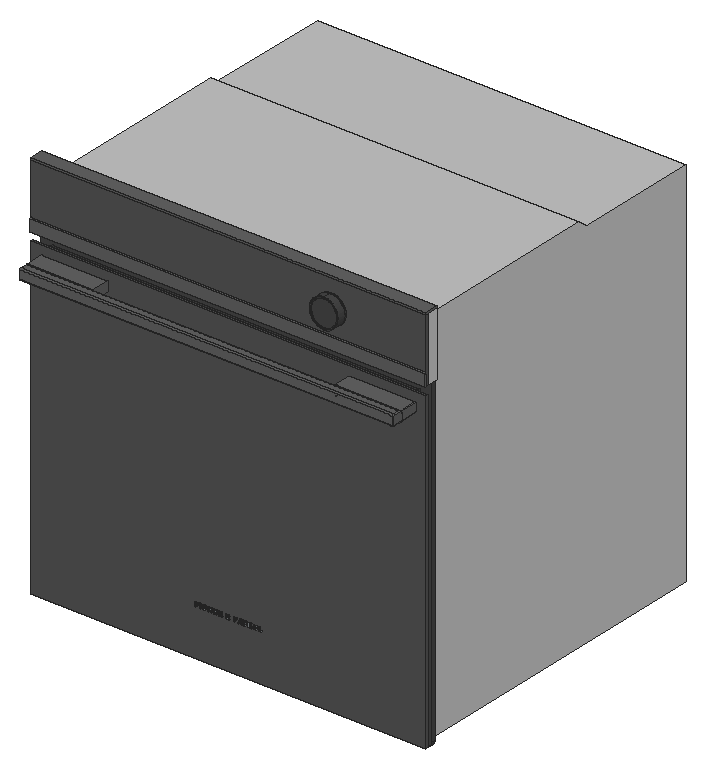
Revit family "FP_Revit_18_OB24SDPTDB1_Oven_90000932A", category Specialty Equipment, Revit 2018
Family settings
  Round Connector Dimension = Use Diameter
  Part Type = Normal
  OmniClass Number = 23.40.40.14.17.11
  OmniClass Title = Cookers, Ovens, Stoves
  Work Plane-Based = No
  Always vertical = Yes
  Cut with Voids When Loaded = Yes
  Shared = No
  Room Calculation Point = No
Parameters (values of type "OB24SDPTDB1")
  Visibility - Clearance Required = yes
  URL = "www.fisherpaykel.com"
  Product - Width = 596 mm  # constant formula
  Product - Height = 598 mm  # constant formula
  Product - Depth = 565 mm  # constant formula
  Model = "OB24SDPTDB1"
  Material - Trim = Fisher & Paykel - Aluminium, Dark
  Material - Structure = Fisher & Paykel - Black
  Material - Handle = Fisher & Paykel - Aluminium, Dark
  Material - Glass = Fisher & Paykel - Glass, Black
  Material - Buttons and Dials = Fisher & Paykel - Black
  Material - Body = Fisher & Paykel - Grey
  Manufacturer = "Fisher & Paykel Appliances"
  FFL Offset [instance] = 200 mm
  Description = "24\" Built-In Oven"
  Connector Note - Electrical = "208 V or 240 V, 16.6 - 19.4 A"
  Chassis - Width = 556 mm  # constant formula
  Chassis - Height = 575 mm  # constant formula
  Chassis - Depth = 545 mm  # constant formula
  Cavity - Width = 600 mm  # constant formula
  Cavity - Height = 600 mm  # constant formula
  Cavity - Depth = 550 mm  # constant formula
Reference planes
  plane 1 "Datum": y = 0
  plane 2: z = 0
  plane 3 "Center (Left/Right)": x = 0
  plane 4 "Cavity": z = 780
  plane 5 "Product Height": z = 798
  plane 6 "Product LHS": x = -298
  plane 7 "Product RHS": x = 298
  plane 8 "Cavity LHS": x = -300
  plane 9 "Cavity RHS": x = 300
  plane 10 "Cavity - Depth": y = 550
  plane 11 "Product Depth": y = 545
  plane 12 "Front Face": y = -20
  plane 13 "Dial": x = 154.861
  plane 14 "FFL Offset": z = 200
  plane 15 "Cavity Height": z = 800
Forms (mm)
  Extrusion 1, solid, material "Fisher & Paykel - Grey" <- "Material - Body"
    sketch origin (0, 0, 0) x (0, 1, 0) y (0, 0, 1)
      loop
        line (0, 200) -> (525, 200) -> (525, 393.99) -> (545, 413.99) -> (545, 609.73) -> (495, 659.73) -> (495, 764.6) -> (307.721, 764.6) -> (293.958, 775) -> (0, 775) -> (0, 200)
    from -278 to 278
  Extrusion 2, void
    sketch origin (0, 0, 0) x (1, 0, 0) y (0, 1, 0)
      loop
        line (-278, 495) -> (-229.13, 495) -> (-179.13, 545) -> (-278, 545) -> (-278, 495)
      loop
        line (278, 495) -> (278, 545) -> (94.617, 545) -> (114.617, 525) -> (199.13, 525) -> (229.13, 495) -> (278, 495)
    from 200 to 764.6
  Extrusion 3, solid, material "Fisher & Paykel - Aluminium, Dark" <- "Material - Trim"
    sketch origin (0, 0, 0) x (0, 1, 0) y (0, 0, 1)
      loop
        line (0, 798) -> (-20.5, 798) -> (-20.5, 795.1) -> (0, 795.1) -> (0, 798)
    from -298 to 298
  Extrusion 4, solid, material "Fisher & Paykel - Grey" <- "Material - Body"
    sketch origin (0, 0, 0) x (0, 1, 0) y (0, 0, 1)
      loop
        line (-16, 795.1) -> (-16, 698) -> (0, 698) -> (0, 795.1) -> (-16, 795.1)
    from -298 to 298
  Extrusion 5, solid, material "Fisher & Paykel - Glass, Black" <- "Material - Glass"
    sketch origin (0, 0, 0) x (1, 0, 0) y (0, 0, 1)
      loop
        line (-298, 685.2) -> (-298, 208.6) -> (298, 208.6) -> (298, 685.2) -> (-298, 685.2)
      loop
        line (-298, 698) -> (298, 698) -> (298, 794.5) -> (-298, 794.5) -> (-298, 698)
    from 16 to 20
  Extrusion 6, solid, material "Fisher & Paykel - Black" <- "Material - Structure"
    sketch origin (0, 0, 0) x (0, 1, 0) y (0, 0, 1)
      loop
        line (-13.8, 683.7) -> (-16, 683.7) -> (-16, 224.7) -> (-5, 224.7) -> (-5, 680.497) -> (-13.8, 683.7)
    from -277 to 277
  Extrusion 7, solid, material "Fisher & Paykel - Black" <- "Material - Structure"
    sketch origin (0, 0, 0) x (1, 0, 0) y (0, 0, 1)
      loop
        line (-295, 698) -> (-295, 209.536)
        arc (-295, 209.536) -> (-292.207, 202.793) -> (-285.464, 200) r 9.536
        line (-285.464, 200) -> (285.5, 200)
        arc (285.5, 200) -> (292.218, 202.782) -> (295, 209.5) r 9.5
        line (295, 209.5) -> (295, 698) -> (-295, 698)
    from 0 to 5
  Sweep 8, solid, material "Fisher & Paykel - Black"
    path origin (-195.035, 0, 0) x (0, 1, 0) y (0, 0, 1)
      loop
        line (478.272, 708.8) -> (498.6, 708.8)
        arc (498.6, 708.8) -> (507.085, 705.285) -> (510.6, 696.8) r 12
        line (510.6, 696.8) -> (510.6, 678.8)
    profile origin (-195.035, 488.436, 708.8) x (0, 0, 1) y (1, 0, 0)
      loop
        line (0, 11) -> (-11, 11) -> (-11, -11) -> (0, -11)
        arc (0, -11) -> (11, 0) -> (0, 11) r 11
  Extrusion 9, solid, material "Fisher & Paykel - Clearance Required", visible <- "Visibility - Clearance Required", detail levels coarse
    sketch origin (0, 0, 0) x (0, 1, 0) y (0, 0, 1)
      loop
        line (-21.6, 227.528) -> (-21.6, 200) -> (0, 200) -> (0, 800) -> (-21.6, 800) -> (-21.6, 685.18)
        arc (-21.6, 685.18) -> (-333.147, 559.899) -> (-479.9, 257.872) r 466.605
        line (-479.9, 257.872) -> (-465.169, 256.897) -> (-467.944, 214.989) -> (-455.498, 214.164) -> (-452.723, 256.073) -> (-21.6, 227.528)
    from -300 to 300
  Extrusion 10, solid, material "Fisher & Paykel - Clearance Required", visible <- "Visibility - Clearance Required", detail levels coarse
    sketch origin (0, 0, 0) x (1, 0, 0) y (0, 1, 0)
      loop
        line (-280, 0) -> (280, 0) -> (280, 550) -> (-280, 550) -> (-280, 0)
    from 200 to 780
  Extrusion 11, void
    sketch origin (0, 0, 0) x (1, 0, 0) y (0, 1, 0)
      loop
        line (-300, -21.6) -> (300, -21.6) -> (300, 0) -> (-300, 0) -> (-300, -21.6)
    from 200 to 800
  Extrusion 12, solid, material "Fisher & Paykel - Aluminium, Dark" <- "Material - Trim", detail levels fine
    sketch origin (0, 0, 0) x (0, 1, 0) y (0, 0, 1)
      loop
        line (-21.7, 715.525) -> (-21.7, 698) -> (-20, 698) -> (-20, 717.528) -> (-21.7, 715.525)
    from -298 to 298
  Extrusion 13, void
    sketch origin (0, 0, 0) x (1, 0, 0) y (0, 1, 0)
      loop
        line (-280, 550) -> (-280, 0) -> (280, 0) -> (280, 550) -> (-280, 550)
    from 200 to 780
Cuts and joins
  Extrusion 2 cuts Extrusion 1
Lines and regions (mm)
  model lines, style "Fisher & Paykel"
    curve 1: line (217.5, -20, 334.2) -> (-217.5, -20, 334.2)
    curve 2: line (217.5, -20, 617.436) -> (217.5, -20, 334.2)
    curve 3: line (-217.5, -20, 617.436) -> (217.5, -20, 617.436)
    curve 4: line (-217.5, -20, 334.2) -> (-217.5, -20, 617.436)
Text (mm)
  text "Disclaimer:\nWe endeavor to maintain the accuracy of our 3D content.\nHowever, product details are subject to change without notice.\nPlease refer to the product Data Sheets for the most current product information." at (41.04, -568.295, 0), in view "Ref. Level (Plan)"
Dimensions and locks
  equal spacing: plane 6 "Product LHS", plane 3 "Center (Left/Right)", plane 7 "Product RHS"
  "Product - Width": plane 6 "Product LHS" to plane 7 "Product RHS"
  equal spacing: plane 8 "Cavity LHS", plane 3 "Center (Left/Right)", plane 9 "Cavity RHS"
  "Cavity - Width": plane 8 "Cavity LHS" to plane 9 "Cavity RHS"
  "Cavity - Depth": plane 10 "Cavity - Depth" to plane 1 "Datum"
  "Chassis - Depth": plane 11 "Product Depth" to plane 1 "Datum"
  plane 12 "Front Face" to plane 1 "Datum" = 20 mm
  "Product - Depth": plane 11 "Product Depth" to plane 12 "Front Face"
  "Chassis - Width": cut or joined group of Extrusion 1, Extrusion 2 to cut or joined group of Extrusion 1, Extrusion 2
  "FFL Offset": plane 14 "FFL Offset" to level
  "Product - Height": plane 5 "Product Height" to plane 14 "FFL Offset"
  "Cavity - Height": Extrusion 9 to plane 14 "FFL Offset"
  locked: plane 5 "Product Height" to nested 2 at 125.765
  locked: plane 5 "Product Height" to nested 3 at 45.463
  locked: plane 4 "Cavity" to plane 14 "FFL Offset" at 580
  locked: nested 1 to plane 14 "FFL Offset" at 78.956
  locked: Extrusion 5 to plane 14 "FFL Offset" at 8.6
  locked: Extrusion 6 to plane 14 "FFL Offset" at 24.7
  "Cavity - Height": plane 15 "Cavity Height" to plane 14 "FFL Offset"
  locked: cut or joined group of Extrusion 1, Extrusion 2 to plane 14 "FFL Offset" at 564.6
  locked: curve 1 to plane 14 "FFL Offset" at 134.2
  locked: curve 3 to plane 14 "FFL Offset" at 417.436
  aligned and locked: level to plane 2
  aligned and locked: plane 8 "Cavity LHS" to Extrusion 9
  aligned and locked: Extrusion 9 to plane 9 "Cavity RHS"
  aligned and locked: Extrusion 1 sketch curve to plane 14 "FFL Offset"
  aligned and locked: Extrusion 1 to Extrusion 2
  aligned and locked: Extrusion 2 to Extrusion 1
  aligned and locked: plane 14 "FFL Offset" to Extrusion 9 sketch curve
  aligned and locked: plane 14 "FFL Offset" to Extrusion 7 sketch curve
  aligned and locked: Extrusion 13 to cut or joined group of Extrusion 1, Extrusion 2
  aligned and locked: plane 4 "Cavity" to Extrusion 13
  aligned and locked: plane 4 "Cavity" to Extrusion 10
  aligned and locked: Extrusion 10 to cut or joined group of Extrusion 1, Extrusion 2
  aligned and locked: Extrusion 11 to cut or joined group of Extrusion 1, Extrusion 2
  aligned and locked: Extrusion 11 to Extrusion 9
  aligned and locked: plane 15 "Cavity Height" to Extrusion 11
Automatic sketch dimensions
  Extrusion 2 sketch curve to plane 11 "Product Depth" = 0 mm  (x2)
  Extrusion 2 sketch curve to plane 6 "Product LHS" = 20 mm
  Extrusion 2 sketch curve to Extrusion 2 sketch curve = 48.87 mm
  Extrusion 2 sketch curve to Extrusion 2 sketch curve = 50 mm  (x3)
  plane 3 "Center (Left/Right)" to Extrusion 2 sketch curve = 94.617 mm
  Extrusion 2 sketch curve to Extrusion 2 sketch curve = 20 mm
  Extrusion 2 sketch curve to plane 11 "Product Depth" = 20 mm
  Extrusion 2 sketch curve to Extrusion 2 sketch curve = 84.513 mm
  Extrusion 2 sketch curve to Extrusion 2 sketch curve = 30 mm
  plane 7 "Product RHS" to Extrusion 2 sketch curve = 20 mm
  Extrusion 3 sketch curve to plane 1 "Datum" = 0 mm
  Extrusion 3 sketch curve to plane 12 "Front Face" = 0.5 mm
  Extrusion 3 sketch curve to plane 5 "Product Height" = 2.9 mm
  plane 5 "Product Height" to Extrusion 3 sketch curve = 0 mm
  Extrusion 4 sketch curve to plane 1 "Datum" = 0 mm
  plane 12 "Front Face" to Extrusion 4 sketch curve = 4 mm
  Extrusion 4 sketch curve to plane 4 "Cavity" = 82 mm
  Extrusion 4 sketch curve to plane 5 "Product Height" = 2.9 mm
  plane 6 "Product LHS" to Extrusion 5 sketch curve = 0 mm  (x2)
  plane 7 "Product RHS" to Extrusion 5 sketch curve = 0 mm  (x2)
  level to Extrusion 5 sketch curve = 208.6 mm
  Extrusion 5 sketch curve to plane 4 "Cavity" = 94.8 mm
  Extrusion 5 sketch curve to Extrusion 5 sketch curve = 12.8 mm
  Extrusion 5 sketch curve to plane 5 "Product Height" = 3.5 mm
  plane 12 "Front Face" to Extrusion 6 sketch curve = 4 mm
  Extrusion 6 sketch curve to Extrusion 6 sketch curve = 2.2 mm
  plane 1 "Datum" to Extrusion 6 sketch curve = 5 mm
  level to Extrusion 6 sketch curve = 224.7 mm
  Extrusion 6 sketch curve to plane 4 "Cavity" = 99.503 mm
  Extrusion 6 sketch curve to Extrusion 6 sketch curve = 3.203 mm
  plane 7 "Product RHS" to curve 2 = 80.5 mm
  curve 4 to plane 6 "Product LHS" = 80.5 mm
  Sweep 8 sketch curve to plane 11 "Product Depth" = 46.4 mm
  Sweep 8 sketch curve to Sweep 8 sketch curve = 12 mm
  Sweep 8 sketch curve to plane 4 "Cavity" = 83.2 mm
  Sweep 8 sketch curve to Sweep 8 sketch curve = 20.328 mm
  Sweep 8 sketch curve to Sweep 8 sketch curve = 18 mm
  Sweep 8 sketch curve to profile plane = 0 mm  (x2)
  Sweep 8 sketch curve to Sweep 8 sketch curve = 11 mm
  Sweep 8 sketch curve to profile plane = 11 mm
  Extrusion 10 sketch curve to plane 10 "Cavity - Depth" = 0 mm
  plane 1 "Datum" to Extrusion 10 sketch curve = 0 mm
  Extrusion 10 sketch curve to plane 6 "Product LHS" = 18 mm
  plane 7 "Product RHS" to Extrusion 10 sketch curve = 18 mm
  plane 1 "Datum" to Extrusion 11 sketch curve = 0 mm
  Extrusion 11 sketch curve to plane 8 "Cavity LHS" = 0 mm
  Extrusion 11 sketch curve to plane 9 "Cavity RHS" = 0 mm
  Extrusion 11 sketch curve to plane 12 "Front Face" = 1.6 mm
  Extrusion 12 sketch curve to plane 12 "Front Face" = 0 mm
  Extrusion 12 sketch curve to Extrusion 12 sketch curve = 1.7 mm
  Extrusion 12 sketch curve to plane 4 "Cavity" = 82 mm
  Extrusion 12 sketch curve to Extrusion 12 sketch curve = 17.525 mm
  Extrusion 12 sketch curve to Extrusion 12 sketch curve = 2.002 mm
  plane 1 "Datum" to Extrusion 13 sketch curve = 0 mm
  Extrusion 13 sketch curve to plane 10 "Cavity - Depth" = 0 mm
  Extrusion 13 sketch curve to plane 6 "Product LHS" = 18 mm
  plane 7 "Product RHS" to Extrusion 13 sketch curve = 18 mm
  Extrusion 1 sketch curve to plane 1 "Datum" = 0 mm
  Extrusion 1 sketch curve to plane 11 "Product Depth" = 0 mm
  Extrusion 1 sketch curve to plane 4 "Cavity" = 5 mm
  Extrusion 1 sketch curve to plane 11 "Product Depth" = 251.042 mm
  Extrusion 1 sketch curve to Extrusion 1 sketch curve = 13.762 mm
  Extrusion 1 sketch curve to plane 4 "Cavity" = 15.4 mm
  Extrusion 1 sketch curve to plane 11 "Product Depth" = 50 mm
  Extrusion 1 sketch curve to plane 11 "Product Depth" = 20 mm
  plane 14 "FFL Offset" to Extrusion 1 sketch curve = 193.99 mm
  Extrusion 1 sketch curve to Extrusion 1 sketch curve = 20 mm
  Extrusion 1 sketch curve to Extrusion 1 sketch curve = 154.87 mm
  Extrusion 1 sketch curve to Extrusion 1 sketch curve = 50 mm
  Extrusion 9 sketch curve to plane 1 "Datum" = 0 mm
  plane 12 "Front Face" to Extrusion 9 sketch curve = 5.051 mm
  Extrusion 9 sketch curve to plane 12 "Front Face" = 1.6 mm  (x2)
  plane 14 "FFL Offset" to Extrusion 9 sketch curve = 56.073 mm
  Extrusion 9 sketch curve to Extrusion 9 sketch curve = 431.123 mm
  plane 14 "FFL Offset" to Extrusion 9 sketch curve = 14.164 mm
  Extrusion 9 sketch curve to Extrusion 9 sketch curve = 2.775 mm
  plane 14 "FFL Offset" to Extrusion 9 sketch curve = 56.897 mm
  Extrusion 9 sketch curve to Extrusion 9 sketch curve = 12.446 mm
  plane 14 "FFL Offset" to Extrusion 9 sketch curve = 57.872 mm
  Extrusion 9 sketch curve to Extrusion 9 sketch curve = 8.905 mm
  plane 5 "Product Height" to Extrusion 9 sketch curve = 2 mm
  Extrusion 7 sketch curve to plane 6 "Product LHS" = 3 mm
  plane 14 "FFL Offset" to Extrusion 7 sketch curve = 9.536 mm
  plane 7 "Product RHS" to Extrusion 7 sketch curve = 12.5 mm
  plane 7 "Product RHS" to Extrusion 7 sketch curve = 3 mm
  Extrusion 7 sketch curve to plane 4 "Cavity" = 82 mm
Nested families
  nested 1: "F&P Logo 100mm" at (0, -20, 278.956), type "Grey", detail levels fine
  nested 2: "F&P Handle Contemporary Square OB60-24" at (0, -20, 664.257), type "Aluminium Dark"
  nested 3: "F&P Dial OB" at (154.861, -20, 752.537), type "F&P Dial OB Black"
Connectors
  electrical at (-195.035, 505.1, 678.8), driven by "Connector Note - Electrical"
    settings: on Sweep 8, index 1, voltage 120 V, apparent load 0 VA, apparent load phase1 0 VA, apparent load phase2 0 VA, apparent load phase3 0 VA, power factor 1, load classification "Other", number of poles 2, system type 30, power factor state 1, is connector primary yes, connector utility no, sub classification motor no, connector description "208 V or 240 V, 16.6 - 19.4 A"
Definition of nested family "F&P Logo 100mm"
  Parameters (values of type "Chrome")
    URL = "www.fisherpaykel.com"
    Material - Logo = none
    Manufacturer = "Fisher & Paykel Appliances"
  Types (3): name
    (no name)
    Chrome
    Grey
  Reference planes
    plane 1 "Center (Front/Back)": y = 0
    plane 2: z = 0
    plane 3 "Center (Left/Right)": x = 0
  Forms (mm)
    Extrusion 1, solid, material <- "Material - Logo", detail levels fine
      sketch origin (0, 0, 0) x (1, 0, 0) y (0, 0, 1)
        loop
          line (-50.044, 0) -> (-48.47, 0) -> (-48.47, 2.138) -> (-46.011, 2.138) -> (-46.011, 3.472) -> (-48.47, 3.472) -> (-48.47, 4.712) -> (-45.795, 4.712) -> (-45.795, 6.04) -> (-50.044, 6.04) -> (-50.044, 0)
        loop
          line (-42.804, 6.04) -> (-42.804, 0) -> (-41.23, 0) -> (-41.23, 6.04) -> (-42.804, 6.04)
        loop
          line (-30.724, 6.04) -> (-30.724, 0) -> (-29.151, 0) -> (-29.151, 2.42) -> (-26.839, 2.42) -> (-26.839, 0) -> (-25.265, 0) -> (-25.265, 6.04) -> (-26.839, 6.04) -> (-26.839, 3.748) -> (-29.151, 3.748) -> (-29.151, 6.04) -> (-30.724, 6.04)
        loop
          line (-21.906, 6.04) -> (-21.906, 0) -> (-17.602, 0) -> (-17.602, 1.328) -> (-20.347, 1.328) -> (-20.347, 2.42) -> (-17.838, 2.42) -> (-17.838, 3.748) -> (-20.347, 3.748) -> (-20.347, 4.712) -> (-17.602, 4.712) -> (-17.602, 6.04) -> (-21.906, 6.04)
        loop
          line (45.667, 6.04) -> (45.667, 0) -> (49.956, 0) -> (49.956, 1.328) -> (47.241, 1.328) -> (47.241, 6.04) -> (45.667, 6.04)
        loop
          line (42.431, 6.04) -> (38.112, 6.04) -> (38.112, 0) -> (42.431, 0) -> (42.431, 1.328) -> (39.687, 1.328) -> (39.687, 2.42) -> (42.195, 2.42) -> (42.195, 3.748) -> (39.687, 3.748) -> (39.687, 4.712) -> (42.431, 4.712) -> (42.431, 6.04)
        loop
          line (33.451, 3.148) -> (35.683, 6.04) -> (33.844, 6.04) -> (31.915, 3.542) -> (31.915, 6.04) -> (30.342, 6.04) -> (30.342, 0) -> (31.915, 0) -> (31.915, 2.705) -> (33.903, 0) -> (35.763, 0) -> (33.451, 3.148)
        loop
          line (21.98, 6.04) -> (24.262, 2.42) -> (24.262, 0) -> (25.837, 0) -> (25.837, 2.341) -> (28.119, 6.04) -> (26.446, 6.04) -> (25.099, 3.707) -> (23.753, 6.04) -> (21.98, 6.04)
        loop
          line (18.479, 6.04) -> (16.983, 6.04) -> (14.524, 0) -> (16.069, 0) -> (16.501, 1.112) -> (18.921, 1.112) -> (19.354, 0) -> (20.938, 0) -> (18.479, 6.04)
        loop
          line (18.4, 2.439) -> (17.693, 4.174) -> (17.018, 2.439) -> (18.4, 2.439)
        loop
          line (8.031, 6.04) -> (8.031, 0) -> (9.605, 0) -> (9.605, 1.938) -> (10.599, 1.938)
          arc (10.599, 1.938) -> (12.65, 3.989) -> (10.599, 6.04) r 2.051
          line (10.599, 6.04) -> (8.031, 6.04)
        loop
          line (9.605, 4.712) -> (9.605, 3.197) -> (10.501, 3.197)
          arc (10.501, 3.197) -> (11.259, 3.954) -> (10.501, 4.712) r 0.757
          line (10.501, 4.712) -> (9.605, 4.712)
        loop
          line (-11.783, 6.04) -> (-14.366, 6.04) -> (-14.366, 0) -> (-12.792, 0) -> (-12.792, 1.336) -> (-11.992, 1.336) -> (-10.972, 0) -> (-9.153, 0) -> (-10.694, 1.973)
          arc (-10.694, 1.973) -> (-9.678, 4.424) -> (-11.783, 6.04) r 2.179
        loop
          line (-11.897, 4.712) -> (-12.792, 4.712) -> (-12.792, 3.053) -> (-11.897, 3.053)
          arc (-11.897, 3.053) -> (-11.068, 3.882) -> (-11.897, 4.712) r 0.83
        loop
          line (0.477, 4.712) -> (0.477, 6.153) -> (-3.575, 6.153) -> (-3.575, 4.851) -> (-2.974, 4.112)
          arc (-2.974, 4.112) -> (-3.51, 0.684) -> (-0.045, 0.512) r 2.334
          line (-0.045, 0.512) -> (0.46, -0.109) -> (2.246, -0.109) -> (0.86, 1.594) -> (2.061, 3.324) -> (0.443, 3.324) -> (-0.013, 2.667) -> (-1.677, 4.712) -> (0.477, 4.712)
        loop
          arc (-2.125, 3.068) -> (-2.269, 1.668) -> (-0.868, 1.524) r 0.996
          line (-0.868, 1.524) -> (-2.125, 3.068)
        loop
          line (-35.18, 3.634) -> (-36.516, 3.91)
          arc (-36.516, 3.91) -> (-37.049, 4.443) -> (-36.516, 4.976) r 0.533
          arc (-36.516, 4.976) -> (-35.235, 4.79) -> (-34.059, 4.248) r 4.505
          line (-34.059, 4.248) -> (-34.059, 5.743)
          arc (-34.059, 5.743) -> (-35.549, 6.179) -> (-37.1, 6.109) r 4.726
          arc (-37.1, 6.109) -> (-38.536, 4.335) -> (-37.1, 2.561) r 1.814
          line (-37.1, 2.561) -> (-35.754, 2.282)
          arc (-35.754, 2.282) -> (-35.221, 1.749) -> (-35.754, 1.216) r 0.533
          arc (-35.754, 1.216) -> (-37.035, 1.402) -> (-38.211, 1.945) r 4.505
          line (-38.211, 1.945) -> (-38.211, 0.449)
          arc (-38.211, 0.449) -> (-36.72, 0.013) -> (-35.169, 0.083) r 4.726
          arc (-35.169, 0.083) -> (-33.734, 1.863) -> (-35.18, 3.634) r 1.814
      from 0 to 0.8
  Dimensions and locks
    aligned and locked: level to plane 2
Definition of nested family "F&P Handle Contemporary Square OB60-24"
  Parameters (values of type "Aluminium Dark")
    URL = "www.fisherpaykel.com"
    Material - Handle = none
    Manufacturer = "Fisher & Paykel Appliances"
    Handle - Length = 565 mm
  Types (2): name
    Aluminium
    Aluminium Dark
  Reference planes
    plane 1 "Center (Front/Back)": y = 0
    plane 2: z = 0
    plane 3 "Center (Left/Right)": x = 0
    plane 4 "Product LHS": x = -282.5
    plane 5 "Product RHS": x = 282.5
    plane 6 "LHS Standoff": x = -182.495
    plane 7 "RHS Standoff": x = 182.505
  Forms (mm)
    Extrusion 1, solid, material <- "Material - Handle", detail levels fine
      sketch origin (0, 0, 0) x (0, 1, 0) y (0, 0, 1)
        loop
          arc (-28.701, 7.561) -> (-29.057, 7.868) -> (-29.514, 7.978) r 1
          line (-29.514, 7.978) -> (-40.5, 7.978)
          arc (-40.5, 7.978) -> (-41.561, 7.539) -> (-42, 6.478) r 1.5
          line (-42, 6.478) -> (-42, -6.522)
          arc (-42, -6.522) -> (-41.561, -7.583) -> (-40.5, -8.022) r 1.5
          line (-40.5, -8.022) -> (-29.487, -8.022)
          arc (-29.487, -8.022) -> (-29.029, -7.911) -> (-28.673, -7.602) r 1
          arc (-28.673, -7.602) -> (-26.256, -0.016) -> (-28.701, 7.561) r 13.038
      from -282.5 to 282.5
    Extrusion 2, solid, material <- "Material - Handle", detail levels fine
      sketch origin (0, 0, 0) x (0, 1, 0) y (0, 0, 1)
        loop
          arc (-28.23, 7.062) -> (-26.156, 0.008) -> (-28.198, -7.056) r 13.136
          arc (-28.198, -7.056) -> (-28.21, -7.463) -> (-27.86, -7.67) r 0.4
          line (-27.86, -7.67) -> (0, -7.67) -> (0, 7.678) -> (-27.893, 7.678)
          arc (-27.893, 7.678) -> (-28.244, 7.47) -> (-28.23, 7.062) r 0.4
      from 182.505 to 282.5
    Extrusion 3, solid, material <- "Material - Handle", detail levels fine
      sketch origin (0, 0, 0) x (0, 1, 0) y (0, 0, -1)
        loop
          arc (-28.23, -7.062) -> (-28.244, -7.47) -> (-27.893, -7.678) r 0.4
          line (-27.893, -7.678) -> (0, -7.678) -> (0, 7.67) -> (-27.86, 7.67)
          arc (-27.86, 7.67) -> (-28.21, 7.463) -> (-28.198, 7.056) r 0.4
          arc (-28.198, 7.056) -> (-26.156, -0.008) -> (-28.23, -7.062) r 13.136
      from 182.495 to 282.5
    Sweep 4, void
      path in 3D
        loop
          line (282.5, -29.514, 7.978) -> (282.5, -40.5, 7.978)
          arc (282.5, -40.5, 7.978) -> (282.5, -41.561, 7.539) -> (282.5, -42, 6.478) r 1.5
          line (282.5, -42, 6.478) -> (282.5, -42, -6.522)
          arc (282.5, -42, -6.522) -> (282.5, -41.561, -7.583) -> (282.5, -40.5, -8.022) r 1.5
          line (282.5, -40.5, -8.022) -> (282.5, -29.487, -8.022)
      profile origin (282.5, -35.007, 7.978) x (1, 0, 0) y (0, 0, 1)
        loop
          line (0, 0) -> (-1.3, 0) -> (0, -1.3) -> (0, 0)
    Sweep 5, void
      path in 3D
        loop
          line (-282.5, -29.487, -8.022) -> (-282.5, -40.5, -8.022)
          arc (-282.5, -40.5, -8.022) -> (-282.5, -41.561, -7.583) -> (-282.5, -42, -6.522) r 1.5
          line (-282.5, -42, -6.522) -> (-282.5, -42, 6.478)
          arc (-282.5, -42, 6.478) -> (-282.5, -41.561, 7.539) -> (-282.5, -40.5, 7.978) r 1.5
          line (-282.5, -40.5, 7.978) -> (-282.5, -29.514, 7.978)
      profile origin (-282.5, -35.007, 7.978) x (-1, 0, 0) y (0, 0, 1)
        loop
          line (0, 0) -> (-1.3, 0) -> (0, -1.3) -> (0, 0)
    Extrusion 6, void
      sketch origin (0, 0, 0) x (1, 0, 0) y (0, 0, 1)
        loop
          line (282.5, 7.978) -> (281.2, 7.978) -> (282.5, 6.678) -> (282.5, 7.978)
        loop
          line (282.5, -8.022) -> (282.5, -6.722) -> (281.2, -8.022) -> (282.5, -8.022)
      from 0 to 40
    Extrusion 7, void
      sketch origin (0, 0, 0) x (1, 0, 0) y (0, 0, 1)
        loop
          line (-282.5, 7.978) -> (-282.5, 6.678) -> (-281.2, 7.978) -> (-282.5, 7.978)
        loop
          line (-282.5, -8.022) -> (-281.2, -8.022) -> (-282.5, -6.722) -> (-282.5, -8.022)
      from 0 to 40
    Extrusion 8, solid, material <- "Material - Handle", detail levels coarse+medium
      sketch origin (0, 0, 0) x (1, 0, 0) y (0, 1, 0)
        loop
          line (-282.5, -42) -> (282.5, -42) -> (282.5, 0) -> (182.505, 0) -> (182.505, -26.156) -> (-182.495, -26.156) -> (-182.495, 0) -> (-282.5, 0) -> (-282.5, -42)
      from -8.022 to 7.978
  Cuts and joins
    Sweep 4, Sweep 5, Extrusion 6, Extrusion 7 cuts Extrusion 1
    Extrusion 6 cuts Extrusion 2
    Extrusion 7 cuts Extrusion 3
  Lines and regions (mm)
    sketch lines
      curve 1: line (282.5, -29.514, 7.978) -> (282.5, -40.5, 7.978)
      curve 2: arc (282.5, -42, 6.478) -> (282.5, -41.561, 7.539) -> (282.5, -40.5, 7.978) r 1.5
      curve 3: line (282.5, -42, 6.478) -> (282.5, -42, -6.522)
      curve 4: arc (282.5, -40.5, -8.022) -> (282.5, -41.561, -7.583) -> (282.5, -42, -6.522) r 1.5
      curve 5: line (282.5, -40.5, -8.022) -> (282.5, -29.487, -8.022)
      curve 6: line (-282.5, -40.5, 7.978) -> (-282.5, -29.514, 7.978)
      curve 7: arc (-282.5, -40.5, 7.978) -> (-282.5, -41.561, 7.539) -> (-282.5, -42, 6.478) r 1.5
      curve 8: line (-282.5, -42, -6.522) -> (-282.5, -42, 6.478)
      curve 9: arc (-282.5, -42, -6.522) -> (-282.5, -41.561, -7.583) -> (-282.5, -40.5, -8.022) r 1.5
      curve 10: line (-282.5, -29.487, -8.022) -> (-282.5, -40.5, -8.022)
  Dimensions and locks
    equal spacing: plane 4 "Product LHS", plane 3 "Center (Left/Right)", plane 5 "Product RHS"
    "Handle - Length": plane 4 "Product LHS" to plane 5 "Product RHS"
    locked: plane 4 "Product LHS" to plane 6 "LHS Standoff" at 100.005
    locked: plane 7 "RHS Standoff" to plane 5 "Product RHS" at 99.995
    aligned and locked: level to plane 2
    aligned and locked: Extrusion 1 to plane 5 "Product RHS"
    aligned and locked: plane 4 "Product LHS" to Extrusion 1
    aligned and locked: Extrusion 2 to plane 5 "Product RHS"
    aligned and locked: plane 4 "Product LHS" to Extrusion 3
    aligned and locked: plane 4 "Product LHS" to Extrusion 8 sketch curve
    aligned and locked: Extrusion 8 sketch curve to plane 5 "Product RHS"
    aligned and locked: Extrusion 8 sketch curve to plane 7 "RHS Standoff"
    aligned and locked: plane 6 "LHS Standoff" to Extrusion 8 sketch curve
    aligned and locked: Extrusion 2 to plane 7 "RHS Standoff"
    aligned and locked: plane 6 "LHS Standoff" to Extrusion 3
  Automatic sketch dimensions
    Extrusion 1 sketch curve to level = 6.522 mm
    plane 1 "Center (Front/Back)" to Extrusion 1 sketch curve = 42 mm
    Extrusion 1 sketch curve to Extrusion 1 sketch curve = 1.5 mm  (x2)
    Extrusion 1 sketch curve to level = 0.04 mm
    Extrusion 1 sketch curve to Extrusion 1 sketch curve = 1.206 mm
    level to Extrusion 1 sketch curve = 6.978 mm
    Extrusion 1 sketch curve to Extrusion 1 sketch curve = 10.986 mm
    Extrusion 1 sketch curve to Extrusion 1 sketch curve = 11.013 mm
    Extrusion 1 sketch curve to Extrusion 1 sketch curve = 1 mm
    level to Extrusion 1 sketch curve = 6.478 mm
    Extrusion 1 sketch curve to Extrusion 1 sketch curve = 0 mm
    Extrusion 2 sketch curve to plane 1 "Center (Front/Back)" = 0 mm
    Extrusion 2 sketch curve to level = 7.67 mm
    Extrusion 2 sketch curve to Extrusion 2 sketch curve = 27.86 mm
    level to Extrusion 2 sketch curve = 7.678 mm
    Extrusion 2 sketch curve to Extrusion 2 sketch curve = 0.033 mm
    Extrusion 2 sketch curve to level = 0.022 mm
    Extrusion 2 sketch curve to Extrusion 2 sketch curve = 11.398 mm
    Extrusion 2 sketch curve to Extrusion 2 sketch curve = 0.4 mm  (x2)
    Extrusion 2 sketch curve to Extrusion 2 sketch curve = 0 mm
    Extrusion 3 sketch curve to plane 1 "Center (Front/Back)" = 0 mm
    Extrusion 3 sketch curve to level = 7.67 mm
    Extrusion 3 sketch curve to Extrusion 3 sketch curve = 27.86 mm
    level to Extrusion 3 sketch curve = 7.678 mm
    Extrusion 3 sketch curve to Extrusion 3 sketch curve = 0.033 mm
    Extrusion 3 sketch curve to level = 0.022 mm
    Extrusion 3 sketch curve to Extrusion 3 sketch curve = 11.398 mm
    Extrusion 3 sketch curve to Extrusion 3 sketch curve = 0.4 mm  (x2)
    Extrusion 3 sketch curve to Extrusion 3 sketch curve = 0 mm
    profile plane to Sweep 4 sketch curve = 0 mm
    Sweep 4 sketch curve to profile plane = 0 mm
    Sweep 4 sketch curve to profile plane = 1.3 mm
    profile plane to Sweep 4 sketch curve = 1.3 mm
    Sweep 5 sketch curve to profile plane = 0 mm  (x2)
    profile plane to Sweep 5 sketch curve = 1.3 mm
    Sweep 5 sketch curve to profile plane = 1.3 mm
    plane 5 "Product RHS" to Extrusion 6 sketch curve = 0 mm  (x2)
    Extrusion 6 sketch curve to Extrusion 6 sketch curve = 1.3 mm  (x4)
    Extrusion 6 sketch curve to level = 6.722 mm
    level to Extrusion 6 sketch curve = 6.678 mm
    plane 4 "Product LHS" to Extrusion 7 sketch curve = 0 mm  (x2)
    Extrusion 7 sketch curve to plane 4 "Product LHS" = 1.3 mm  (x2)
    Extrusion 7 sketch curve to level = 8.022 mm
    level to Extrusion 7 sketch curve = 6.678 mm
    Extrusion 7 sketch curve to Extrusion 7 sketch curve = 1.3 mm  (x2)
    plane 1 "Center (Front/Back)" to Extrusion 8 sketch curve = 0 mm  (x2)
    Extrusion 8 sketch curve to Extrusion 8 sketch curve = 26.156 mm
    Extrusion 8 sketch curve to Extrusion 8 sketch curve = 42 mm
Definition of nested family "F&P Dial OB"
  Parameters (values of type "F&P Dial OB Black")
    URL = "www.fisherpaykel.com"
    Material - Buttons and Dials = none
    Manufacturer = "Fisher & Paykel Appliances"
  Types (2): name
    F&P Dial OB
    F&P Dial OB Black
  Reference planes
    plane 1 "Center (Front/Back)": y = 0
    plane 2: z = 0
    plane 3 "Center (Left/Right)": x = 0
  Forms (mm)
    Revolve 1, solid, material <- "Material - Buttons and Dials", detail levels fine
      sketch origin (0, 0, 0) x (0, 1, 0) y (0, 0, 1)
        loop
          line (0, 22) -> (-0.843, 22) -> (-0.843, 16.038) -> (-2.39, 16.038) -> (-2.39, 22) -> (-13.7, 22) -> (-13.7, 21.2) -> (-13.191, 20) -> (-8.9, 20) -> (-8.9, 0) -> (0, 0) -> (0, 22)
        axis (0, 0) -> (-13.7, 0)
      angle from 0 to 360
    Extrusion 2, solid, material <- "Material - Buttons and Dials", detail levels fine
      sketch origin (0, 0, 0) x (1, 0, 0) y (0, 0, 1)
        loop
          circle (0, 0) r 19.45
      from 8.9 to 13.191
    Extrusion 3, solid, material <- "Material - Buttons and Dials", detail levels coarse+medium
      sketch origin (0, 0, 0) x (1, 0, 0) y (0, 0, 1)
        loop
          circle (0, 0) r 22
      from 0 to 13.7
  Dimensions and locks
    aligned and locked: level to plane 2
